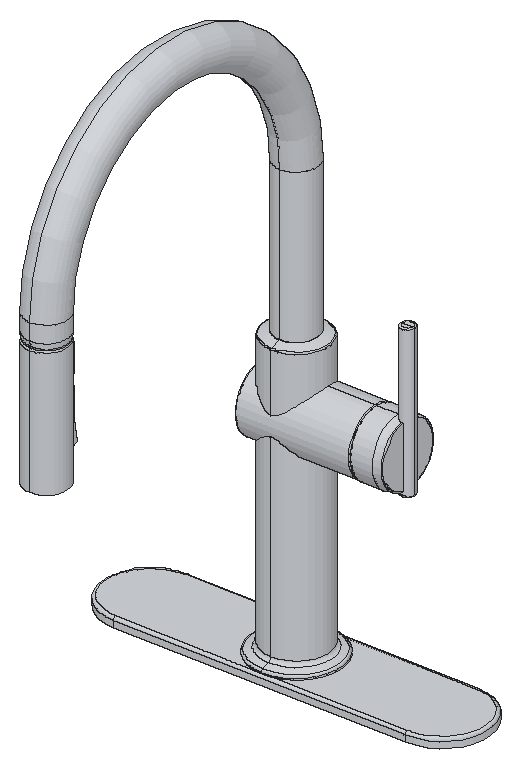
Revit family "Faucet-Kitchen-KOHLER-Crue-K-22972", category Plumbing Fixtures, host Face, Revit 2017
Family settings
  Host = Face
  Round Connector Dimension = Use Diameter
  Part Type = Normal
  OmniClass Number = 23.31.11.00
  OmniClass Title = Faucets
  Cut with Voids When Loaded = No
  Shared = No
  Room Calculation Point = No
Parameters (values of type "CP-Polished Chrome")
  Width [instance] = if(Escutcheon Plate, 10 1/2", 2 3/8")  # 10 1/2"
  WaterSense Certified = 1 = 0  # no
  Waste Water Outlet = "Waste Water Outlet"  # constant formula
  Waste Connection = 1 = 0  # no
  Vent Connection = 1 = 0  # no
  URL = "https://www.us.kohler.com/us/"
  Type = 1
  Spout Reach = 8 9/16"  # constant formula
  Product Page URL = "http://www.us.kohler.com/us/catalog/productDetails.jsp?productId=22972"
  Product Name = "Crue"  # constant formula
  Product Documentation Link = "https://www.us.kohler.com/webassets/kpna/catalog/pdf/en/K-22972_spec_US-CA_Kohler_en.pdf"
  Pressure = 60.00 psi  # constant formula
  Model = if(Type = 1, "K-22972-CP", if(Type = 2, "K-22972-VS", if(Type = 3, "K-22972-BL", if(Type = 4, "K-22972-2MB", "NA"))))  # "K-22972-CP"
  Material = "Premium Metal Construction"  # constant formula
  Master Format 2014 Name = "Residential Faucets, Supplies, and Trim"  # constant formula
  Master Format 2014 = "22 41 39"  # constant formula
  Manufacturer Address = "444 Highland Dr, Kohler, WI 53044"  # constant formula
  Manufacturer = "KOHLER Co."  # constant formula
  Length = Spout Reach  # 8 9/16"
  Hot Water Inlet = "Hot Water Inlet"  # constant formula
  Height = 17 3/16"  # constant formula
  Handle Clearance = 3 3/16"  # constant formula
  HW Connection = 1 = 1  # yes
  Flow Rate = 1.5 GPM  # constant formula
  Finish = Kohler-Metal-CP-Polished_Chrome
  Escutcheon Plate Height [instance] = if(Escutcheon Plate, 1/4", 0")  # 1/4"
  Escutcheon Plate [instance] = yes
  Environmental Product Declaration = ""
  Drain Included = 1 = 0  # no
  Distance [instance] = if(Escutcheon Plate, 2 1/2", 2 3/8")  # 2 1/2"
  Description = "Pull-down single-handle kitchen faucet"  # constant formula
  Default Elevation = 36"
  Declare Label = ""
  Date Modified = "07/02/2020"  # constant formula
  Date Created = "07/02/2020"  # constant formula
  Copyright = "Copyright KOHLER Co."  # constant formula
  Contact Us = "https://www.us.kohler.com/us/static/contact.jsp"
  Cold Water Inlet = "Cold Water Inlet"  # constant formula
  CW Connection = 1 = 1  # yes
  Assembly Code = "D2010"
  ADA Compliant = 1 = 1  # yes
Types (5): name | Type | Model | Finish
  (no name) | 1 | "K-22972-CP" | Kohler-Metal-CP-Polished_Chrome
  CP-Polished Chrome | 1 | "K-22972-CP" | Kohler-Metal-CP-Polished_Chrome
  VS-Vibrant Stainless | 2 | "K-22972-VS" | Kohler-Metal-VS-Vibrant_Stainless
  BL-Matte Black | 3 | "K-22972-BL" | Kohler-Metal-BL-Matte_Black
  2MB-Vibrant Brushed Moderne Brass | 4 | "K-22972-2MB" | Kohler-Metal-2MB-Vibrant_Brushed_Moderne_Brass
Reference planes (in)
  plane 1 "Center (Front/Back)": y = 0
  plane 2: z = 0
  plane 3 "Center (Left/Right)": x = 0
  plane 4: x = 3.24219
  plane 5: y = -8.5625
  plane 6: y = -9.12549
  plane 7: x = -0.96
  plane 8: x = 3.05474
  plane 9: x = -5.25
  plane 10: x = 5.25
  plane 11: y = 1.25
  plane 12: y = -1.25
  plane 13: z = 17.1875
  plane 14: z = 8.18898
  plane 15: z = 6.1875
  plane 16: z = 9.375
  plane 17: z = 0.25
  plane 18: x = -1.1875
  plane 19: x = 1.1875
  plane 20: y = 1.1875
  plane 21: y = -1.1875
  plane 22: z = 7.09203
  plane 23: z = 5.28297
  plane 24: z = 5.22812
  plane 25: y = 0.90526
  plane 26: y = -0.90526
  plane 27: x = 2.86723
  plane 28: y = 0.1875
  plane 29: y = -0.1875
  plane 30: x = -0.60587
  plane 31: x = 0.60587
Dimensions and locks (in)
  "Spout Reach": plane 1 "Center (Front/Back)" to plane 5
  equal spacing: plane 9, plane 3 "Center (Left/Right)", plane 10
  "Width": plane 9 to plane 10
  equal spacing: plane 12, plane 1 "Center (Front/Back)", plane 11
  "Distance": plane 12 to plane 11
  "Height": plane 13 to plane 2
  "Handle Clearance": plane 16 to plane 15
  "Escutcheon Plate Height": plane 17 to plane 2
  locked: plane 14 to plane 2 at 8.18898
  plane 16 to plane 2 = 9 3/8"
  aligned and locked: plane 2 to host face
  aligned and locked: level to host face
Automatic sketch dimensions
  host sketch curve to host sketch curve = 96"  (x2)
Nested families (in)
  nested 1: "K-22972" at (0, 0, 0), type "K-22972"
  nested 2: "K-22972_Escutcheon_Plate" at (0, 0, 0), type "K-22972_Escutcheon_Plate"
Connectors (in)
  piping at (-0.60587, 0, 0), diameter 0.375, driven by "Flow Rate", driven by "Pressure", driven by "HW Connection", driven by "Hot Water Inlet"
    settings: on nested 2, index 1, connector inside diameter 24", connector length 0", flow factor 0, pipe flow 1.5 GPM, pressure drop 60.00 psi, fitting loss kfactor 0, connector angle 0.00°, fixture units 0, engagement length 0", angle of deflection 0.00°, flow configuration 1, flow direction 1, fitting loss method 4, system type 19, joint type 0, gender type 0, connector reference index -1, connector utility 1, adjustable connector no, is connector primary yes, connector description "Hot Water Inlet"
  piping at (0.60587, 0, 0), diameter 0.375, driven by "Flow Rate", driven by "Pressure", driven by "CW Connection", driven by "Cold Water Inlet"
    settings: on nested 2, index 2, connector inside diameter 24", connector length 0", flow factor 0, pipe flow 1.5 GPM, pressure drop 60.00 psi, fitting loss kfactor 0, connector angle 0.00°, fixture units 0, engagement length 0", angle of deflection 0.00°, flow configuration 1, flow direction 1, fitting loss method 4, system type 20, joint type 0, gender type 0, connector reference index -1, connector utility 1, adjustable connector no, is connector primary no, connector description "Cold Water Inlet"
Definition of nested family "K-22972"
  Parameters (values of type "K-22972")
    Without Plate = not(With Plate)  # no
    With Plate = yes
    Material = none
  Reference planes (in)
    plane 1 "Center (Front/Back)": y = 0
    plane 2: z = 0
    plane 3 "Center (Left/Right)": x = 0
    plane 4: z = 17.1875
    plane 5: y = -8.5625
    plane 6: z = 9.375
    plane 7: z = 8.18898
    plane 8: x = 3.24221
    plane 9: z = 6.1875
    plane 10: y = 1.1875
    plane 11: y = -1.1875
    plane 12: x = -1.1875
    plane 13: x = 1.1875
    plane 14: z = 0.25
    plane 15: z = 7.09203
    plane 16: z = 5.28303
    plane 17: z = 5.22823
  Forms (in)
    Revolve 1, solid, material <- "Material", detail levels medium+fine
      sketch origin (0, 0, 0) x (0, 1, 0) y (0, 0, 1)
        loop
          line (1.1875, 0.12059) -> (1.1875, 0.27852)
          arc (1.1875, 0.27852) -> (1.1748, 0.31847) -> (1.14135, 0.34374) r 0.06917
          line (1.14135, 0.34374) -> (0.94681, 0.41242)
          arc (0.94681, 0.41242) -> (0.88752, 0.45724) -> (0.865, 0.52806) r 0.12264
          line (0.865, 0.52806) -> (0.865, 8.05329)
          arc (0.865, 8.05329) -> (0.85813, 8.07373) -> (0.84032, 8.08587) r 0.03385
          line (0.84032, 8.08587) -> (0.56508, 8.16339) -> (0.42051, 8.16339)
          arc (0.42051, 8.16339) -> (0.3972, 8.1719) -> (0.38486, 8.19343) r 0.03617
          line (0.38486, 8.19343) -> (0, 8.19343) -> (0, 0.07059) -> (1.16753, 0.07059)
          arc (1.16753, 0.07059) -> (1.18232, 0.09367) -> (1.1875, 0.12059) r 0.07259
        axis (0, 8.19343) -> (0, 0.07059)
      angle from 0 to 360
    Sweep 2, solid, material <- "Material", detail levels medium+fine
      path origin (0, 0, 0) x (0, 1, 0) y (0, 0, 1)
        loop
          line (-8.5625, 11.89718) -> (-8.5625, 12.36027)
          arc (-8.5625, 12.36027) -> (-4.28125, 16.64152) -> (0, 12.36027) r 4.28125
          line (0, 12.36027) -> (0, 8.18801)
      profile origin (0, 0, 10.27414) x (1, 0, 0) y (0, 1, 0)
        loop
          circle (0, 0) r 0.56299
    Revolve 3, solid, material <- "Material", detail levels medium+fine
      sketch origin (0, 0, 0) x (0, 1, 0) y (0, 0, 1)
        loop
          line (-8.5625, 11.89718) -> (-8.5625, 8.18898) -> (-7.99951, 8.18898) -> (-7.99951, 11.67501)
          arc (-7.99951, 11.67501) -> (-8.01425, 11.7088) -> (-8.04904, 11.72098) r 0.0461
          arc (-8.04904, 11.72098) -> (-8.02469, 11.73157) -> (-8.01312, 11.75547) r 0.0382
          line (-8.01312, 11.75547) -> (-7.99951, 11.89718) -> (-8.5625, 11.89718)
        axis (-8.5625, 11.89718) -> (-8.5625, 8.18898)
      angle from 0 to 360
    Extrusion 4, solid, detail levels medium+fine
      sketch origin (0, 0, 0) x (0, 1, 0) y (0, 0, 1)
        loop
          line (-7.90327, 11.41895) -> (-8.11595, 11.41895) -> (-8.11595, 10.61999) -> (-7.90463, 10.61999)
          arc (-7.90463, 10.61999) -> (-7.87992, 10.63023) -> (-7.86968, 10.65494) r 0.03495
          line (-7.86968, 10.65494) -> (-7.86968, 11.38536)
          arc (-7.86968, 11.38536) -> (-7.87952, 11.40911) -> (-7.90327, 11.41895) r 0.03359
        loop
          arc (-7.89688, 10.32983) -> (-7.96632, 10.34545) -> (-8.03686, 10.35488) r 0.80561
          line (-8.03686, 10.35488) -> (-8.03686, 8.81777)
          arc (-8.03686, 8.81777) -> (-7.9146, 8.84357) -> (-7.79869, 8.89024) r 0.71535
          arc (-7.79869, 8.89024) -> (-7.781, 8.90777) -> (-7.77679, 8.93232) r 0.0408
          line (-7.77679, 8.93232) -> (-7.85613, 9.49408)
          arc (-7.85613, 9.49408) -> (-7.86101, 9.54027) -> (-7.86264, 9.5867) r 0.66217
          line (-7.86264, 9.5867) -> (-7.86264, 10.28504)
          arc (-7.86264, 10.28504) -> (-7.87218, 10.31323) -> (-7.89688, 10.32983) r 0.04642
      from -0.19331 to 0.19273
    Revolve 5, solid, material <- "Material", detail levels medium+fine
      sketch origin (0, 0, 0) x (1, 0, 0) y (0, 0, 1)
        loop
          line (3.05472, 6.1875) -> (3.05472, 7.03676)
          arc (3.05472, 7.03676) -> (3.04678, 7.05589) -> (3.02763, 7.06377) r 0.02701
          arc (3.02763, 7.06377) -> (2.91887, 7.07068) -> (2.812, 7.092) r 0.81743
          line (2.812, 7.092) -> (2.2063, 7.092)
          arc (2.2063, 7.092) -> (2.18987, 7.0852) -> (2.18307, 7.06816) r 0.02322
          arc (2.18307, 7.06816) -> (2.17609, 7.08502) -> (2.15923, 7.092) r 0.02384
          line (2.15923, 7.092) -> (-0.93569, 7.092)
          arc (-0.93569, 7.092) -> (-0.95288, 7.08488) -> (-0.96, 7.06769) r 0.02431
          line (-0.96, 7.06769) -> (-0.96, 6.1875) -> (3.05472, 6.1875)
        axis (3.05472, 6.1875) -> (-0.96, 6.1875)
      angle from 0 to 360
    Revolve 6, solid, material <- "Material", detail levels medium+fine
      sketch origin (0, 0, 0) x (1, 0, 0) y (0, 0, 1)
        loop
          line (3.05473, 9.37008) -> (2.89654, 9.37008)
          arc (2.89654, 9.37008) -> (2.87581, 9.36149) -> (2.86723, 9.34077) r 0.02931
          line (2.86723, 9.34077) -> (2.86723, 5.25788)
          arc (2.86723, 5.25788) -> (2.87591, 5.23692) -> (2.89688, 5.22823) r 0.02965
          line (2.89688, 5.22823) -> (3.05473, 5.22823) -> (3.05473, 9.37008)
        axis (3.05473, 9.37008) -> (3.05473, 5.22823)
      angle from 0 to 360
    Extrusion 7, solid, detail levels medium+fine
      sketch origin (0, 0, 0) x (1, 0, 0) y (0, 1, 0)
        loop
          circle (-0.00036, -8.16961) r 0.04327
        loop
          circle (-0.12815, -8.19227) r 0.04327
        loop
          circle (-0.24048, -8.25727) r 0.04327
        loop
          circle (-0.32381, -8.35677) r 0.04327
        loop
          circle (-0.36808, -8.47877) r 0.04327
        loop
          circle (0.12815, -8.19227) r 0.04327
        loop
          circle (0.24048, -8.25727) r 0.04327
        loop
          circle (0.32381, -8.35677) r 0.04327
        loop
          circle (0.36808, -8.47877) r 0.04327
        loop
          circle (-0.00036, -8.917) r 0.04327
        loop
          circle (-0.12815, -8.89434) r 0.04327
        loop
          circle (-0.24048, -8.82935) r 0.04327
        loop
          circle (-0.32381, -8.72985) r 0.04327
        loop
          circle (-0.36808, -8.60785) r 0.04327
        loop
          circle (0.12815, -8.89434) r 0.04327
        loop
          circle (0.24048, -8.82935) r 0.04327
        loop
          circle (0.32381, -8.72985) r 0.04327
        loop
          circle (0.36808, -8.60785) r 0.04327
      from 8.14126 to 8.50844
    Revolve 8, solid, material <- "Material", detail levels coarse
      sketch origin (0, 0, 0) x (0, 1, 0) y (0, 0, 1)
        loop
          line (0, 0) -> (1.25, 0) -> (1.25, 0.37438) -> (0.89071, 0.45354) -> (0.89071, 8.05935) -> (0.56299, 8.18801) -> (0, 8.18801) -> (0, 0)
        axis (0, 8.18801) -> (0, 0)
      angle from 0 to 360
    Revolve 9, solid, material <- "Material", detail levels coarse
      sketch origin (0, 0, 0) x (1, 0, 0) y (0, 0, 1)
        loop
          line (3.19171, 6.1875) -> (3.19171, 7.092) -> (-0.99755, 7.092) -> (-0.99755, 6.1875) -> (3.19171, 6.1875)
        axis (-0.99755, 6.1875) -> (3.19171, 6.1875)
      angle from 0 to 360
    Revolve 10, solid, material <- "Material", detail levels coarse
      sketch origin (0, 0, 0) x (1, 0, 0) y (0, 0, 1)
        loop
          line (3.23821, 9.37008) -> (3.06263, 9.37008) -> (3.06263, 5.22823) -> (3.23821, 5.22823) -> (3.23821, 9.37008)
        axis (3.06263, 9.37008) -> (3.06263, 5.22823)
      angle from 0 to 360
    Sweep 11, solid, material <- "Material", detail levels coarse
      path origin (0, 0, 0) x (0, 1, 0) y (0, 0, 1)
        loop
          line (0, 7.59843) -> (0, 12.37803)
          arc (0, 12.37803) -> (-4.27165, 16.64969) -> (-8.54331, 12.37803) r 4.27165
          line (-8.54331, 12.37803) -> (-8.54331, 8.10436)
      profile origin (0, 0, 9.98823) x (0, -1, 0) y (1, 0, 0)
        loop
          circle (0, 0) r 0.56299
    Revolve 12, solid, detail levels medium+fine
      sketch origin (0, 0, 0) x (0, 1, 0) y (0, 0, 1)
        loop
          line (0, 0) -> (1.1875, 0) -> (1.1875, 0.04464)
          arc (1.1875, 0.04464) -> (1.18198, 0.06097) -> (1.16768, 0.0706) r 0.02691
          line (1.16768, 0.0706) -> (0, 0.0706) -> (0, 0)
        axis (0, 0.0706) -> (0, 0)
      angle from 0 to 360
  Cuts and joins
    joined: Revolve 1, Sweep 2, Revolve 3, Revolve 5, Revolve 6
    joined: Revolve 8, Revolve 9, Revolve 10, Sweep 11
  Lines and regions (in)
    Masking region 1
      outline origin (0, 0, 0) x (1, 0, 0) y (0, 0, 1)
        loop
          arc (0.865, 0.5066) -> (0.89071, 0.43085) -> (0.95723, 0.38641) r 0.12443
          line (0.95723, 0.38641) -> (1.15005, 0.33474)
          arc (1.15005, 0.33474) -> (1.17706, 0.31669) -> (1.1875, 0.28593) r 0.05053
          line (1.1875, 0.28593) -> (1.1875, 0.25) -> (-1.1875, 0.25) -> (-1.1875, 0.28593)
          arc (-1.1875, 0.28593) -> (-1.17706, 0.31669) -> (-1.15005, 0.33474) r 0.05053
          line (-1.15005, 0.33474) -> (-0.95723, 0.38641)
          arc (-0.95723, 0.38641) -> (-0.89071, 0.43085) -> (-0.865, 0.5066) r 0.12443
          line (-0.865, 0.5066) -> (-0.865, 5.28303) -> (-0.93615, 5.28303)
          arc (-0.93615, 5.28303) -> (-0.95301, 5.29002) -> (-0.96, 5.30688) r 0.02385
          line (-0.96, 5.30688) -> (-0.96, 7.06812)
          arc (-0.96, 7.06812) -> (-0.953, 7.08503) -> (-0.93609, 7.09203) r 0.02391
          line (-0.93609, 7.09203) -> (-0.865, 7.09203) -> (-0.865, 8.0537)
          arc (-0.865, 8.0537) -> (-0.85824, 8.07381) -> (-0.84071, 8.08577) r 0.03332
          line (-0.84071, 8.08577) -> (-0.56505, 8.16339) -> (-0.4299, 8.16339) -> (-0.41062, 8.18898) -> (-0.5583, 8.18898) -> (-0.5583, 16.62451)
          arc (-0.5583, 16.62451) -> (0.00469, 17.1875) -> (0.56768, 16.62451) r 0.56299
          line (0.56768, 16.62451) -> (0.56768, 8.18898) -> (0.41062, 8.18898) -> (0.4299, 8.16339) -> (0.56505, 8.16339) -> (0.84071, 8.08577)
          arc (0.84071, 8.08577) -> (0.85824, 8.07381) -> (0.865, 8.0537) r 0.03332
          line (0.865, 8.0537) -> (0.865, 7.09203) -> (2.15992, 7.09203)
          arc (2.15992, 7.09203) -> (2.17629, 7.08525) -> (2.18307, 7.06888) r 0.02315
          arc (2.18307, 7.06888) -> (2.18946, 7.08564) -> (2.20488, 7.09203) r 0.02181
          line (2.20488, 7.09203) -> (2.812, 7.09203) -> (2.86723, 7.07916) -> (2.86723, 9.3453)
          arc (2.86723, 9.3453) -> (2.87593, 9.3663) -> (2.89693, 9.375) r 0.0297
          line (2.89693, 9.375) -> (3.21179, 9.375)
          arc (3.21179, 9.375) -> (3.2333, 9.36609) -> (3.24221, 9.34458) r 0.03042
          line (3.24221, 9.34458) -> (3.24221, 5.25805)
          arc (3.24221, 5.25805) -> (3.23348, 5.23696) -> (3.2124, 5.22823) r 0.02981
          line (3.2124, 5.22823) -> (2.89708, 5.22823)
          arc (2.89708, 5.22823) -> (2.87597, 5.23697) -> (2.86723, 5.25808) r 0.02985
          line (2.86723, 5.25808) -> (2.86723, 5.29578) -> (2.812, 5.28303) -> (2.20576, 5.28303)
          arc (2.20576, 5.28303) -> (2.18972, 5.28968) -> (2.18307, 5.30572) r 0.02269
          arc (2.18307, 5.30572) -> (2.17586, 5.29024) -> (2.15845, 5.28303) r 0.02462
          line (2.15845, 5.28303) -> (0.865, 5.28303) -> (0.865, 0.51257)
    Masking region 2
      outline origin (0, 0, 0) x (0, 1, 0) y (0, 0, 1)
        loop
          line (-0.56299, 8.18801) -> (-0.41135, 8.18801) -> (-0.4299, 8.16339) -> (-0.56505, 8.16339) -> (-0.84071, 8.08577)
          arc (-0.84071, 8.08577) -> (-0.85824, 8.07381) -> (-0.865, 8.0537) r 0.03332
          line (-0.865, 8.0537) -> (-0.865, 6.45188)
          arc (-0.865, 6.45188) -> (-0.9045, 6.1875) -> (-0.865, 5.92312) r 0.9045
          line (-0.865, 5.92312) -> (-0.865, 0.51255)
          arc (-0.865, 0.51255) -> (-0.89071, 0.4368) -> (-0.95723, 0.39235) r 0.12443
          line (-0.95723, 0.39235) -> (-1.15005, 0.34069)
          arc (-1.15005, 0.34069) -> (-1.17706, 0.32264) -> (-1.1875, 0.29188) r 0.05053
          line (-1.1875, 0.29188) -> (-1.1875, 0.25) -> (1.1875, 0.25) -> (1.1875, 0.29188)
          arc (1.1875, 0.29188) -> (1.17706, 0.32264) -> (1.15005, 0.34069) r 0.05053
          line (1.15005, 0.34069) -> (0.95723, 0.39235)
          arc (0.95723, 0.39235) -> (0.89071, 0.4368) -> (0.865, 0.51255) r 0.12443
          line (0.865, 0.51255) -> (0.865, 5.92312)
          arc (0.865, 5.92312) -> (0.9045, 6.1875) -> (0.865, 6.45188) r 0.9045
          line (0.865, 6.45188) -> (0.865, 8.0537)
          arc (0.865, 8.0537) -> (0.85824, 8.07381) -> (0.84071, 8.08577) r 0.03332
          line (0.84071, 8.08577) -> (0.56505, 8.16339) -> (0.4299, 8.16339) -> (0.41135, 8.18801) -> (0.54089, 8.18801) -> (0.54089, 12.35431)
          arc (0.54089, 12.35431) -> (-4.2923, 17.1875) -> (-9.12549, 12.35431) r 4.83319
          line (-9.12549, 12.35431) -> (-9.12549, 11.89718) -> (-9.11181, 11.75476)
          arc (-9.11181, 11.75476) -> (-9.0998, 11.73144) -> (-9.07503, 11.72279) r 0.03539
          arc (-9.07503, 11.72279) -> (-9.10575, 11.70885) -> (-9.11832, 11.67755) r 0.04526
          line (-9.11832, 11.67755) -> (-9.11832, 8.18898) -> (-8.9757, 8.18898) -> (-8.9757, 8.10436) -> (-8.82446, 8.10436) -> (-8.82446, 8.18898) -> (-8.79368, 8.18898) -> (-8.79368, 8.10436) -> (-8.72496, 8.10436) -> (-8.72496, 8.18898) -> (-8.6895, 8.18898) -> (-8.6895, 8.10436) -> (-8.60296, 8.10436) -> (-8.60296, 8.18898) -> (-8.52204, 8.18898) -> (-8.52204, 8.10436) -> (-8.4355, 8.10436) -> (-8.4355, 8.18898) -> (-8.40004, 8.18898) -> (-8.40004, 8.10436) -> (-8.33132, 8.10436) -> (-8.33132, 8.18898) -> (-8.30054, 8.18898) -> (-8.30054, 8.10436) -> (-8.1493, 8.10436) -> (-8.1493, 8.18898) -> (-8.00668, 8.18898) -> (-8.00668, 8.82208)
          arc (-8.00668, 8.82208) -> (-7.90007, 8.84816) -> (-7.79869, 8.89024) r 0.71535
          arc (-7.79869, 8.89024) -> (-7.781, 8.90777) -> (-7.77679, 8.93232) r 0.0408
          line (-7.77679, 8.93232) -> (-7.85613, 9.49408)
          arc (-7.85613, 9.49408) -> (-7.86101, 9.54027) -> (-7.86264, 9.5867) r 0.66217
          line (-7.86264, 9.5867) -> (-7.86264, 10.28504)
          arc (-7.86264, 10.28504) -> (-7.87218, 10.31323) -> (-7.89688, 10.32983) r 0.04642
          arc (-7.89688, 10.32983) -> (-7.9514, 10.34264) -> (-8.00668, 10.35162) r 0.80561
          line (-8.00668, 10.35162) -> (-8.00668, 10.61999) -> (-7.90463, 10.61999)
          arc (-7.90463, 10.61999) -> (-7.87992, 10.63023) -> (-7.86968, 10.65494) r 0.03495
          line (-7.86968, 10.65494) -> (-7.86968, 11.38536)
          arc (-7.86968, 11.38536) -> (-7.87952, 11.40911) -> (-7.90327, 11.41895) r 0.03359
          line (-7.90327, 11.41895) -> (-8.00668, 11.41895) -> (-8.00668, 11.67657)
          arc (-8.00668, 11.67657) -> (-8.01933, 11.70833) -> (-8.05035, 11.72269) r 0.04619
          arc (-8.05035, 11.72269) -> (-8.02534, 11.73132) -> (-8.01319, 11.75476) r 0.03539
          line (-8.01319, 11.75476) -> (-7.99951, 11.89718) -> (-7.99951, 12.36043)
          arc (-7.99951, 12.36043) -> (-4.28125, 16.07868) -> (-0.56299, 12.36043) r 3.71826
          line (-0.56299, 12.36043) -> (-0.56299, 8.19374)
    Masking region 3
      outline origin (0, 0, 0) x (1, 0, 0) y (0, 1, 0)
        loop
          arc (0, -9.1063) -> (0.3981, -8.9414) -> (0.56299, -8.54331) r 0.56299
          line (0.56299, -8.54331) -> (0.56299, -1.04556)
          arc (0.56299, -1.04556) -> (0.66994, -0.98048) -> (0.76944, -0.9045) r 1.1875
          line (0.76944, -0.9045) -> (2.16011, -0.9045)
          arc (2.16011, -0.9045) -> (2.17635, -0.89778) -> (2.18307, -0.87979) r 0.02296
          arc (2.18307, -0.87979) -> (2.19031, -0.89726) -> (2.20778, -0.9045) r 0.02471
          line (2.20778, -0.9045) -> (2.812, -0.9045)
          arc (2.812, -0.9045) -> (2.91903, -0.88315) -> (3.02795, -0.87626) r 0.81722
          arc (3.02795, -0.87626) -> (3.04688, -0.86848) -> (3.05472, -0.84958) r 0.02668
          line (3.05472, -0.84958) -> (3.05472, -0.18703)
          arc (3.05472, -0.18703) -> (3.24176, 0) -> (3.05472, 0.18703) r 0.18703
          line (3.05472, 0.18703) -> (3.05472, 0.84979)
          arc (3.05472, 0.84979) -> (3.04693, 0.86854) -> (3.02815, 0.87626) r 0.02647
          arc (3.02815, 0.87626) -> (2.91913, 0.88314) -> (2.812, 0.9045) r 0.81722
          line (2.812, 0.9045) -> (2.20565, 0.9045)
          arc (2.20565, 0.9045) -> (2.18968, 0.89789) -> (2.18307, 0.88099) r 0.02258
          arc (2.18307, 0.88099) -> (2.17619, 0.89762) -> (2.15956, 0.9045) r 0.02351
          line (2.15956, 0.9045) -> (0.71686, 0.9045)
          arc (0.71686, 0.9045) -> (0.38023, 1.1012) -> (0, 1.1875) r 1.28072
          arc (0, 1.1875) -> (-0.40992, 1.11451) -> (-0.76944, 0.9045) r 1.1875
          line (-0.76944, 0.9045) -> (-0.96, 0.9045) -> (-0.96, 0.69897)
          arc (-0.96, 0.69897) -> (-1.12919, 0.36753) -> (-1.1875, 0) r 1.1875
          arc (-1.1875, 0) -> (-1.12925, -0.37417) -> (-0.96, -0.71292) r 1.2308
          line (-0.96, -0.71292) -> (-0.96, -0.9045) -> (-0.79141, -0.9045)
          arc (-0.79141, -0.9045) -> (-0.68128, -0.98516) -> (-0.56299, -1.05331) r 1.2481
          line (-0.56299, -1.05331) -> (-0.56299, -8.54331)
          arc (-0.56299, -8.54331) -> (-0.3981, -8.9414) -> (0, -9.1063) r 0.56299
    Masking region 4, visible <- "Without Plate"
      outline origin (0, 0, 0) x (1, 0, 0) y (0, 0, 1)
        loop
          line (0.00011, 0) -> (1.18771, 0) -> (1.18771, 0.0506)
          arc (1.18771, 0.0506) -> (1.18189, 0.06471) -> (1.16781, 0.07059) r 0.01999
          arc (1.16781, 0.07059) -> (1.18141, 0.09238) -> (1.18739, 0.11736) r 0.07978
          line (1.18739, 0.11736) -> (1.18739, 0.25) -> (-1.18739, 0.25) -> (-1.18739, 0.1232)
          arc (-1.18739, 0.1232) -> (-1.18228, 0.09509) -> (-1.16759, 0.07059) r 0.07978
          arc (-1.16759, 0.07059) -> (-1.18167, 0.06471) -> (-1.1875, 0.0506) r 0.01999
          line (-1.1875, 0.0506) -> (-1.1875, 0) -> (0.00011, 0)
    Masking region 5, visible <- "Without Plate"
      outline origin (0, 0, 0) x (0, 1, 0) y (0, 0, 1)
        loop
          line (1.1875, 0) -> (1.1875, 0.04967)
          arc (1.1875, 0.04967) -> (1.1817, 0.06413) -> (1.16752, 0.07058) r 0.02093
          arc (1.16752, 0.07058) -> (1.18234, 0.09506) -> (1.1875, 0.1232) r 0.07929
          line (1.1875, 0.1232) -> (1.1875, 0.25) -> (-1.1875, 0.25) -> (-1.1875, 0.1232)
          arc (-1.1875, 0.1232) -> (-1.18234, 0.09506) -> (-1.16752, 0.07058) r 0.07929
          arc (-1.16752, 0.07058) -> (-1.1817, 0.06413) -> (-1.1875, 0.04967) r 0.02093
          line (-1.1875, 0.04967) -> (-1.1875, 0) -> (1.1875, 0)
    symbolic lines, detail levels medium+fine
      curve 1: line (-0.95723, 0, 0.38641) -> (0.95723, 0, 0.38641)
      curve 2: line (-1.15005, 0, 0.33474) -> (1.15005, 0, 0.33474)
      curve 3: line (-0.51992, 0, 11.72098) -> (0.51211, 0, 11.72098)
      curve 4: line (-0.5583, 0, 11.89718) -> (0.56768, 0, 11.89718)
      curve 5: line (2.18307, 0, 7.07022) -> (2.18307, 0, 5.30572)
      curve 6: line (3.05472, 0, 7.0158) -> (3.05472, 0, 5.3592)
      curve 7: spline (3.05471, 0, 7.0158) -> (3.05447, 0, 7.01939) -> (3.05377, 0, 7.02293) -> (3.05263, 0, 7.02635) -> (3.05106, 0, 7.0296) -> (3.04909, 0, 7.03262) -> (3.04676, 0, 7.03536) -> (3.0441, 0, 7.03779) -> (3.04116, 0, 7.03985) -> (3.03798, 0, 7.04152) -> (3.03462, 0, 7.04277) -> (3.03113, 0, 7.04357) -> (3.02757, 0, 7.04391)
      curve 8: line (3.02757, 0, 7.04391) -> (2.86723, 0, 7.07913)
      curve 9: line (2.86723, 0, 5.29587) -> (3.02761, 0, 5.3311)
      curve 10: spline (3.02761, 0, 5.3311) -> (3.03119, 0, 5.33143) -> (3.03469, 0, 5.33223) -> (3.03807, 0, 5.33347) -> (3.04126, 0, 5.33513) -> (3.04421, 0, 5.33719) -> (3.04687, 0, 5.33962) -> (3.04919, 0, 5.34237) -> (3.05115, 0, 5.34539) -> (3.0527, 0, 5.34864) -> (3.05383, 0, 5.35206) -> (3.0545, 0, 5.3556) -> (3.05472, 0, 5.3592)
      curve 11: line (0.865, 0, 5.28303) -> (0, 0, 5.92315)
      curve 12: line (0, 0, 5.92315) -> (-0.865, 0, 5.28303)
      curve 13: line (0, 0, 6.45191) -> (0.865, 0, 7.09203)
      curve 14: line (-0.865, 0, 7.09203) -> (0, 0, 6.45191)
      curve 15: arc (0, 0.1875, 7.07235) -> (0, 0.61089, 6.85454) -> (0, 0.865, 6.45188) r 0.9045
      curve 16: line (0, 0.41135, 8.18801) -> (0, 0.1875, 8.18801)
      curve 17: line (0, 0.1875, 9.35411) -> (0, 0.1875, 7.07235)
      curve 18: line (0, 0.1875, 8.16339) -> (0, 0.4299, 8.16339)
      curve 19: line (0, 0.16661, 9.375) -> (0, 0, 9.375)
      curve 20: line (0, 0.1875, 5.30265) -> (0, 0.1875, 5.25634)
      curve 21: arc (0, 0.865, 5.92312) -> (0, 0.61089, 5.52046) -> (0, 0.1875, 5.30265) r 0.9045
      curve 22: line (0, -0.00046, 5.22823) -> (0, 0.15939, 5.22823)
      curve 23: arc (0, 0.1875, 5.25634) -> (0, 0.17927, 5.23646) -> (0, 0.15939, 5.22823) r 0.02811
      curve 24: arc (0, -0.1875, 7.07235) -> (0, -0.61089, 6.85454) -> (0, -0.865, 6.45188) r 0.9045
      curve 25: line (0, -0.41135, 8.18801) -> (0, -0.1875, 8.18801)
      curve 26: line (0, -0.1875, 9.35722) -> (0, -0.1875, 7.07235)
      curve 27: line (0, -0.1875, 8.16339) -> (0, -0.4299, 8.16339)
      curve 28: line (0, -0.16972, 9.375) -> (0, 0, 9.375)
      curve 29: line (0, -0.1875, 5.30265) -> (0, -0.1875, 5.25634)
      curve 30: arc (0, -0.865, 5.92312) -> (0, -0.61089, 5.52046) -> (0, -0.1875, 5.30265) r 0.9045
      curve 31: line (0, -0.00046, 5.22823) -> (0, -0.15939, 5.22823)
      curve 32: arc (0, -0.1875, 5.25634) -> (0, -0.17927, 5.23646) -> (0, -0.15939, 5.22823) r 0.02811
      curve 34: line (-0.84071, 0, 8.08577) -> (0.41135, 0, 8.08577)
      curve 35: line (-0.41135, 0, 8.14126) -> (-0.32481, 0, 8.14126)
      curve 36: line (-0.41135, 0, 8.14126) -> (-0.41135, 0, 8.18898)
      curve 37: line (0.41135, 0, 8.08577) -> (0.84071, 0, 8.08577)
      curve 38: line (2.18307, -0.87979, 0) -> (2.18307, 0.88099, 0)
      curve 39: arc (2.86723, 0, 0) -> (2.92215, 0.13259, 0) -> (3.05474, 0.1875, 0) r 0.1875
      curve 40: arc (3.05472, -0.1875, 0) -> (2.92214, -0.13258, 0) -> (2.86723, 0, 0) r 0.1875
      curve 41: line (0.71686, 0.9045, 0) -> (-0.76944, 0.9045, 0)
      curve 42: line (0.76944, -0.9045, 0) -> (0.56299, -0.9045, 0)
      curve 43: arc (0.56299, 0.04857, 0) -> (0, 0.56508, 0) -> (-0.56299, 0.04857, 0) r 0.56508
      curve 44: line (0.56299, -1.04556, 0) -> (0.56299, 0.04857, 0)
      curve 45: line (-0.56299, -1.05331, 0) -> (-0.56299, 0.04857, 0)
      curve 46: line (-0.56299, -0.9045, 0) -> (-0.79141, -0.9045, 0)
      curve 47: arc (0.56299, -0.65671, 0) -> (0, 0.865, 0) -> (-0.56299, -0.65671, 0) r 0.865
      curve 48: line (-0.96, 0.69897, 0) -> (-0.96, -0.71292, 0)
      curve 50: line (0, 0.95723, 0.39235) -> (0, -0.95723, 0.39235)
      curve 51: line (0, -8.05035, 11.72281) -> (0, -9.08028, 11.72281)
      curve 52: line (0, -7.99951, 11.89718) -> (0, -9.12549, 11.89718)
      curve 53: line (-0.41135, 0, 8.14126) -> (-0.41135, 0, 8.18898)
      curve 54: line (-0.32481, 0, 8.18898) -> (-0.32481, 0, 8.14126)
      curve 55: line (-0.28054, 0, 8.14126) -> (-0.19721, 0, 8.14126)
      curve 56: line (-0.28054, 0, 8.14126) -> (-0.28054, 0, 8.18898)
      curve 57: line (-0.17142, 0, 8.14126) -> (-0.08488, 0, 8.14126)
      curve 58: line (-0.19721, 0, 8.14126) -> (-0.19721, 0, 8.18898)
      curve 59: line (-0.17142, 0, 8.14126) -> (-0.17142, 0, 8.18898)
      curve 60: line (-0.04363, 0, 8.14126) -> (0.04363, 0, 8.14126)
      curve 61: line (-0.08488, 0, 8.14126) -> (-0.08488, 0, 8.18898)
      curve 62: line (-0.04363, 0, 8.14126) -> (-0.04363, 0, 8.18898)
      curve 63: line (0.08488, 0, 8.14126) -> (0.08488, 0, 8.18898)
      curve 64: line (0.04363, 0, 8.14126) -> (0.04363, 0, 8.18898)
      curve 65: line (-0.04363, 0, 8.14126) -> (0.04363, 0, 8.14126)
      curve 66: line (0.17142, 0, 8.14126) -> (0.08488, 0, 8.14126)
      curve 67: line (0.17142, 0, 8.14126) -> (0.17142, 0, 8.18898)
      curve 68: line (0.41135, 0, 8.14126) -> (0.32481, 0, 8.14126)
      curve 69: line (0.41135, 0, 8.14126) -> (0.41135, 0, 8.18898)
      curve 70: line (0.32481, 0, 8.18898) -> (0.32481, 0, 8.14126)
      curve 71: line (0.28054, 0, 8.14126) -> (0.2033, 0, 8.14126)
      curve 72: line (0.28054, 0, 8.14126) -> (0.28054, 0, 8.18898)
      curve 73: line (0.2033, 0, 8.14126) -> (0.2033, 0, 8.18898)
      curve 74: line (-0.41135, 0, 8.18898) -> (0.41135, 0, 8.18898)
      curve 75: line (-0.5583, 0, 11.89718) -> (-0.54836, 0, 11.75509)
      curve 76: arc (-0.54836, 0, 11.75509) -> (-0.53965, 0, 11.73344) -> (-0.51992, 0, 11.72098) r 0.03794
      curve 77: arc (-0.51992, 0, 11.72098) -> (-0.54364, 0, 11.71328) -> (-0.5583, 0, 11.6931) r 0.04035
      curve 78: line (0.56768, 0, 11.89718) -> (0.55026, 0, 11.75523)
      curve 79: arc (0.55026, 0, 11.75523) -> (0.5376, 0, 11.73096) -> (0.51211, 0, 11.72098) r 0.03901
      curve 80: arc (0.51211, 0, 11.72098) -> (0.54563, 0, 11.71074) -> (0.56768, 0, 11.6835) r 0.05994
      curve 81: line (0, 1.14086, 0.34069) -> (0, -1.15005, 0.34069)
      curve 82: line (0, -0.1875, 7.07235) -> (0, -0.1875, 5.30265)
      curve 83: line (0, 0.1875, 7.07235) -> (0, 0.1875, 5.30265)
      curve 84: arc (0, -0.16972, 9.375) -> (0, -0.18229, 9.36979) -> (0, -0.1875, 9.35722) r 0.01778
      curve 85: arc (0, 0.1875, 9.35411) -> (0, 0.18138, 9.36888) -> (0, 0.16661, 9.375) r 0.02089
      curve 86: arc (0, -8.00668, 10.61999) -> (0, -8.02089, 11.01947) -> (0, -8.00668, 11.41895) r 5.62208
      curve 87: arc (0, -8.00668, 10.35162) -> (0, -8.02378, 9.58685) -> (0, -8.00668, 8.82208) r 17.10962
      curve 88: line (0, -8.9757, 8.18898) -> (0, -8.82446, 8.18898)
      curve 89: line (0, -8.79368, 8.18898) -> (0, -8.72496, 8.18898)
      curve 90: line (0, -8.6895, 8.18898) -> (0, -8.60296, 8.18898)
      curve 91: line (0, -8.52204, 8.18898) -> (0, -8.4355, 8.18898)
      curve 92: line (0, -8.40004, 8.18898) -> (0, -8.33132, 8.18898)
      curve 93: line (0, -8.30054, 8.18898) -> (0, -8.1493, 8.18898)
    symbolic lines, visible <- "Without Plate", detail levels medium+fine
      curve 33: line (0, 1.16754, 0.0706) -> (0, -1.16754, 0.0706)
      curve 49: line (-1.1677, 0, 0.07059) -> (1.1677, 0, 0.07059)
  Dimensions and locks (in)
    plane 6 to plane 2 = 9 3/8"
    locked: plane 6 to plane 9 at 3.1875
    plane 8 to plane 3 "Center (Left/Right)" = 3.24221"
    locked: plane 4 to level at 17.1875
    locked: plane 7 to plane 2 at 8.18898
    locked: plane 1 "Center (Front/Back)" to plane 5 at 8.5625
    locked: plane 10 to plane 11 at 2.375
    locked: plane 12 to plane 13 at 2.375
    locked: plane 14 to plane 2 at 0.25
    aligned and locked: plane 2 to level
Definition of nested family "K-22972_Escutcheon_Plate"
  Parameters (values of type "K-22972_Escutcheon_Plate")
    Material = none
    Escutcheon Plate = yes
  Reference planes (in)
    plane 1 "Center (Front/Back)": y = 0
    plane 2: z = 0
    plane 3 "Center (Left/Right)": x = 0
    plane 4: x = -5.25591
    plane 5: x = 5.25591
    plane 6: y = 1.25
    plane 7: z = 0.25
    plane 8: y = -1.25
    plane 9: x = -1.1875
    plane 10: x = 1.1875
    plane 11: y = 1.1875
    plane 12: y = -1.1875
    plane 13: x = -0.60587
    plane 14: x = 0.60587
  Forms (in)
    Sweep 1, solid, material <- "Material", visible <- "Escutcheon Plate", detail levels medium+fine
      path origin (0, 0, 0) x (1, 0, 0) y (0, 1, 0)
        loop
          line (3.99467, 1.25) -> (-4.00205, 1.25)
          arc (-4.00205, 1.25) -> (-5.25205, 0) -> (-4.00205, -1.25) r 1.25
          line (-4.00205, -1.25) -> (3.99467, -1.25)
          arc (3.99467, -1.25) -> (5.24467, 0) -> (3.99467, 1.25) r 1.25
      profile origin (-0.00369, 1.25, 0) x (0, -1, 0) y (0, 0, 1)
        loop
          arc (0.07812, 0.25) -> (0.02288, 0.22712) -> (0, 0.17187) r 0.07813
          line (0, 0.17187) -> (0, 0) -> (0.18335, 0) -> (0.18335, 0.25) -> (0.07812, 0.25)
    Extrusion 2, solid, material <- "Material", visible <- "Escutcheon Plate", detail levels medium+fine
      sketch origin (0, 0, 0) x (1, 0, 0) y (0, 1, 0)
        loop
          line (-4.00205, -1.06665) -> (3.99467, -1.06665)
          arc (3.99467, -1.06665) -> (5.06132, 0) -> (3.99467, 1.06665) r 1.06665
          line (3.99467, 1.06665) -> (-4.00205, 1.06665)
          arc (-4.00205, 1.06665) -> (-5.0687, 0) -> (-4.00205, -1.06665) r 1.06665
      from 0 to 0.25
    Extrusion 3, void
      sketch origin (0, 0, 0) x (1, 0, 0) y (0, 1, 0)
        loop
          circle (0, 0) r 1.1875
      from 0.11697 to 0.78519
    Extrusion 4, solid, material <- "Material", visible <- "Escutcheon Plate", detail levels coarse
      sketch origin (0, 0, 0) x (1, 0, 0) y (0, 1, 0)
        loop
          line (-5.25591, 1.25) -> (-5.25591, -1.25) -> (5.25591, -1.25) -> (5.25591, 1.25) -> (-5.25591, 1.25)
        loop
          circle (0, 0) r 1.1875
      from 0 to 0.25
    Extrusion 5, solid, material <- "Material", detail levels medium+fine
      sketch origin (0, 0, 0) x (1, 0, 0) y (0, 1, 0)
        loop
          circle (-0.60587, 0) r 0.1875
        loop
          circle (0.60587, 0) r 0.1875
      from 0 to 0.11697
  Cuts and joins
    Extrusion 3 cuts Sweep 1
    Extrusion 3 cuts Extrusion 2
    joined: Sweep 1, Extrusion 2
  Lines and regions (in)
    Masking region 1, visible <- "Escutcheon Plate"
      outline origin (0, 0, 0) x (1, 0, 0) y (0, 0, 1)
        loop
          line (-5.25591, 0.17188) -> (-5.25591, 0) -> (5.25591, 0) -> (5.25591, 0.17188)
          arc (5.25591, 0.17188) -> (5.23302, 0.22712) -> (5.17778, 0.25) r 0.07813
          line (5.17778, 0.25) -> (-5.17778, 0.25)
          arc (-5.17778, 0.25) -> (-5.23302, 0.22712) -> (-5.25591, 0.17188) r 0.07813
    Masking region 2, visible <- "Escutcheon Plate"
      outline origin (0, 0, 0) x (0, 1, 0) y (0, 0, 1)
        loop
          arc (1.25, 0.17338) -> (1.22756, 0.22756) -> (1.17338, 0.25) r 0.07662
          line (1.17338, 0.25) -> (-1.17193, 0.25)
          arc (-1.17193, 0.25) -> (-1.22713, 0.22713) -> (-1.25, 0.17193) r 0.07807
          line (-1.25, 0.17193) -> (-1.25, 0) -> (1.25, 0) -> (1.25, 0.17338)
    Masking region 3, visible <- "Escutcheon Plate"
      outline origin (0, 0, 0) x (1, 0, 0) y (0, 1, 0)
        loop
          line (4.12451, 1.25) -> (-4.12451, 1.25)
          arc (-4.12451, 1.25) -> (-4.93105, 0.84299) -> (-5.25591, 0) r 1.25622
          arc (-5.25591, 0) -> (-4.93105, -0.84299) -> (-4.12451, -1.25) r 1.25622
          line (-4.12451, -1.25) -> (4.12451, -1.25)
          arc (4.12451, -1.25) -> (4.93105, -0.84299) -> (5.25591, 0) r 1.25622
          arc (5.25591, 0) -> (4.93105, 0.84299) -> (4.12451, 1.25) r 1.25622
    symbolic lines, visible <- "Escutcheon Plate", detail levels medium+fine
      curve 1: circle (0, 0, 0) r 1.1875 normal (0, 0, 1)
  Dimensions and locks (in)
    plane 4 to plane 5 = 10.51181"
    locked: plane 8 to plane 6 at 2.5
    locked: plane 7 to plane 2 at 0.25
    locked: plane 9 to plane 10 at 2.375
    locked: plane 11 to plane 12 at 2.375
    aligned and locked: plane 2 to level
